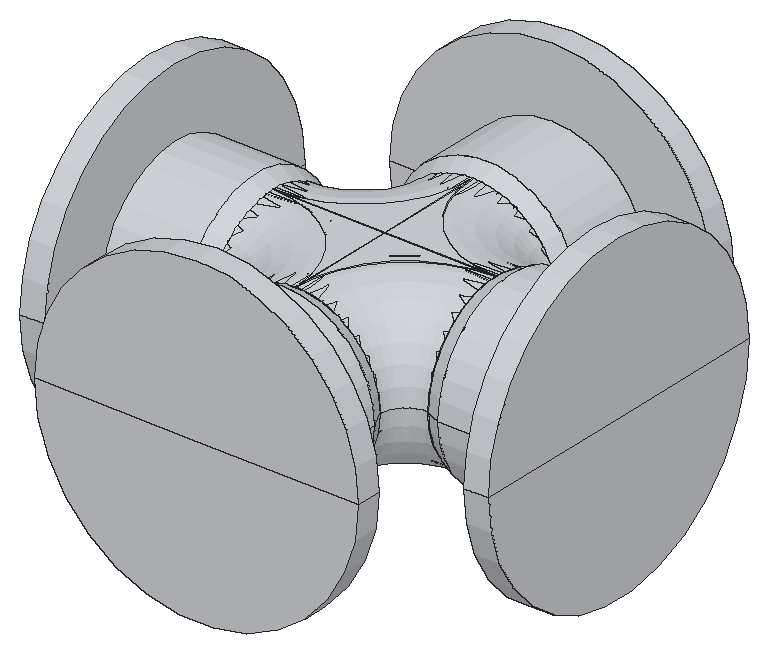
Revit family "4e8b47a90c3c4c5b8a2920781c425c4a", category Pipe Fittings, Revit 2021
Family settings
  Round Connector Dimension = Use Radius
  Part Type = Cross
  OmniClass Number = 23.60.30.11.14
  OmniClass Title = Pipework Fittings
  Seek Item ID = Tee - PVC - Sch 40-0000-USA-ENU
  Work Plane-Based = No
  Always vertical = Yes
  Cut with Voids When Loaded = No
  Shared = No
Parameters (values of type "Standard")
  Visibility 1 [instance] = and(Angle 1 = 90.00°, Angle 2 = 90.00°)  # yes
  Tick Size [instance] = Fitting Outside Diameter * 0.4  # 1.5840"
  Socket Outside Radius [instance] = Socket Outside Diameter / 2  # 2.1750"
  Socket Outside Diameter [instance] = size_lookup(Lookup Table Name, "SOD", 1.1700" + 1.0761 * Nominal Diameter, Nominal Diameter)  # 4.3500"
  Socket Depth [instance] = if(Nominal Diameter < 14.0000", 2.5000", if(Nominal Diameter < 30.0000", 3.5000", 4.0000"))  # 2.5000"
  Lookup Table Name = "Cross Compact - MJ - DI - Class 350"
  Length 1 [instance] = Socket Depth + Bevel Length  # 2.8900"
  Fitting Outside Radius [instance] = Fitting Outside Diameter / 2  # 1.9800"
  Fitting Outside Diameter [instance] = size_lookup(Lookup Table Name, "FOD", 0.6800" + 1.0453 * Nominal Diameter, Nominal Diameter)  # 3.9600"
  Nominal Radius [instance] = 1.5000"
  Nominal Diameter [instance] = Nominal Radius * 2  # 3.0000"
  Loss Method = Not Defined
  K Coefficient Table = (empty or 0)
  Default Elevation = 0.0000"
  Bevel Length [instance] = size_lookup(Lookup Table Name, "BvLgt", 0.4900" + 0.0308 * Nominal Diameter, Nominal Diameter)  # 0.3900"
  Center to Socket Bottom [instance] = size_lookup(Lookup Table Name, "CtSB", 3.2500" + 0.754 * Nominal Diameter, Nominal Diameter)  # 3.0000"
  Center to End Label [instance] = if((Center to End - Gland Width) * tan(Angle 5 / 2) > Gland Outside Radius, Center to End, Gland Outside Radius / tan(Angle 5 / 2) + Gland Width)  # 5.5000"
  Center to End [instance] = Center to Socket Bottom + Socket Depth  # 5.5000"
  Center Radius [instance] = Center to Socket Bottom - Bevel Length  # 2.6100"
  Gland Width [instance] = size_lookup(Lookup Table Name, "GWid", 0.8600" + 0.0318 * Nominal Diameter, Nominal Diameter)  # 0.5800"
  Gland Outside Radius [instance] = Gland Outside Diameter / 2  # 3.8100"
  Gland Outside Diameter [instance] = size_lookup(Lookup Table Name, "GOD", 4.3800" + 1.1302 * Nominal Diameter, Nominal Diameter)  # 7.6200"
  Angle 5 [instance] = if(tan(Angle 3 / 2) > tan(Angle 4 / 2), Angle 4, Angle 3)  # 90.00°
  Angle 4 [instance] = if(Angle 2 > 90.00°, 180.00° - Angle 2, Angle 2)  # 90.00°
  Angle 3 [instance] = if(Angle 1 > 90.00°, 180.00° - Angle 1, Angle 1)  # 90.00°
  Angle 2 [instance] = 90.00°
  Angle 1 [instance] = 90.00°
Reference planes (in)
  plane 1 "Center (Front/Back)": y = 0
  plane 2: z = 0
  plane 3 "Center (Left/Right)": x = 0
  plane 4: y = -3
  plane 5: y = 3.81
  plane 6: y = 2.175
  plane 7: y = 1.98
  plane 8: x = -5.5
  plane 9: x = -4.92
  plane 10: x = -2.61
  plane 11: x = -3
  plane 12: x = 5.5
  plane 13: x = 4.92
  plane 14: x = 2.61
  plane 15: x = 3
  plane 16: y = -2.61
  plane 17: y = -2.61
  plane 18: x = -2.61
  plane 19: x = 2.61
  plane 20: z = 1.98
  plane 21: z = -1.98
  plane 22: y = 1.584
  plane 23: y = -1.584
  plane 24: y = 3
  plane 25: y = 2.61
  plane 26: y = 2.61
Forms (in)
  Revolve 1, solid, detail levels fine
    sketch origin (0, 0, 0) x (1, 0, 0) y (0, 1, 0)
      loop
        line (-5.5, 0) -> (5.5, 0) -> (5.5, 3.81) -> (4.92, 3.81) -> (4.92, 2.175) -> (3, 2.175) -> (2.61, 1.98) -> (-2.61, 1.98) -> (-3, 2.175) -> (-4.92, 2.175) -> (-4.92, 3.81) -> (-5.5, 3.81) -> (-5.5, 0)
      axis (-5.5, 0) -> (5.5, 0)
    angle from 0 to 360
  Sweep 2, solid, visible <- "Visibility 1", detail levels fine
    path origin (0, 0, 0) x (1, 0, 0) y (0, 1, 0)
      loop
        arc (-2.61, 0) -> (-0.76445, -0.76445) -> (0, -2.61) r 2.61
    profile origin (0, -2.61, 0) x (1, 0, 0) y (0, 0, 1)
      loop
        circle (0, 0) r 1.98
  Sweep 3, solid, visible <- "Visibility 1", detail levels fine
    path origin (0, 0, 0) x (-1, 0, 0) y (0, 1, 0)
      loop
        arc (-2.61, 0) -> (-0.76445, -0.76445) -> (0, -2.61) r 2.61
    profile origin (0, -2.61, 0) x (1, 0, 0) y (0, 0, 1)
      loop
        circle (0, 0) r 1.98
  Extrusion 4, solid, visible <- "Visibility 1", detail levels fine
    sketch origin (0, 0, 0) x (1, 0, 0) y (0, 1, 0)
      loop
        arc (-2.61, 0) -> (-0.76445, -0.76445) -> (0, -2.61) r 2.61
        arc (0, -2.61) -> (0.76445, -0.76445) -> (2.61, 0) r 2.61
        line (2.61, 0) -> (-2.61, 0)
    from -1.98 to 1.98
  Revolve 5, solid, detail levels fine
    sketch origin (0, 0, 0) x (0, -1, 0) y (1, 0, 0)
      loop
        line (0, 0) -> (0, -1.98) -> (2.61, -1.98) -> (3, -2.175) -> (4.92, -2.175) -> (4.92, -3.81) -> (5.5, -3.81) -> (5.5, 0) -> (0, 0)
      axis (0, 0) -> (5.5, 0)
    angle from 0 to 360
  Sweep 6, solid, visible <- "Visibility 1", detail levels fine
    path origin (0, 0, 0) x (1, 0, 0) y (0, -1, 0)
      loop
        arc (-2.61, 0) -> (-0.76445, -0.76445) -> (0, -2.61) r 2.61
    profile origin (0, 2.61, 0) x (-1, 0, 0) y (0, 0, 1)
      loop
        circle (0, 0) r 1.98
  Sweep 7, solid, visible <- "Visibility 1", detail levels fine
    path origin (0, 0, 0) x (-1, 0, 0) y (0, -1, 0)
      loop
        arc (-2.61, 0) -> (-0.76445, -0.76445) -> (0, -2.61) r 2.61
    profile origin (0, 2.61, 0) x (-1, 0, 0) y (0, 0, 1)
      loop
        circle (0, 0) r 1.98
  Extrusion 8, solid, visible <- "Visibility 1", detail levels fine
    sketch origin (0, 0, 0) x (1, 0, 0) y (0, 1, 0)
      loop
        line (-2.61, 0) -> (2.61, 0)
        arc (2.61, 0) -> (0.76445, 0.76445) -> (0, 2.61) r 2.61
        arc (0, 2.61) -> (-0.76445, 0.76445) -> (-2.61, 0) r 2.61
    from -1.98 to 1.98
  Revolve 9, solid, detail levels fine
    sketch origin (0, 0, 0) x (0, 1, 0) y (-1, 0, 0)
      loop
        line (5.5, 0) -> (5.5, 3.81) -> (4.92, 3.81) -> (4.92, 2.175) -> (3, 2.175) -> (2.61, 1.98) -> (0, 1.98) -> (0, 0) -> (5.5, 0)
      axis (0, 0) -> (5.5, 0)
    angle from 0 to 360
Lines and regions (in)
  model lines, detail levels coarse+medium
    curve 1: line (-5.5, 1.584, 0) -> (-5.5, -1.584, 0)
    curve 2: line (5.5, 1.584, 0) -> (5.5, -1.584, 0)
    curve 5: line (-1.584, -5.5, 0) -> (1.584, -5.5, 0)
    curve 8: line (-1.584, 5.5, 0) -> (1.584, 5.5, 0)
  model lines, style "PipeFitting", detail levels coarse+medium
    curve 3: line (-5.5, 0, 0) -> (5.5, 0, 0)
    curve 6: line (0, 0, 0) -> (0, -5.5, 0)
    curve 9: line (0, 0, 0) -> (0, 5.5, 0)
  reference lines, not visible
    curve 4: line (0, 0, 0) -> (0, -5.5, 0)
    curve 7: line (0, 0, 0) -> (0, 5.5, 0)
Dimensions and locks (in)
  "Center to Socket Bottom": plane 4 to plane 1 "Center (Front/Back)"
  "Fitting Outside Radius": plane 7 to plane 1 "Center (Front/Back)"
  "Socket Outside Radius": plane 6 to plane 1 "Center (Front/Back)"
  "Gland Outside Radius": plane 5 to plane 1 "Center (Front/Back)"
  "Gland Width": plane 8 to plane 9
  "Socket Depth": plane 8 to plane 11
  "Bevel Length": plane 11 to plane 10
  "Gland Width": plane 12 to plane 13
  "Socket Depth": plane 12 to plane 15
  "Bevel Length": plane 14 to plane 15
  "Bevel Length": plane 16 to plane 4
  "Center Radius": plane 1 "Center (Front/Back)" to plane 17
  "Center Radius": plane 18 to plane 3 "Center (Left/Right)"
  "Center Radius": plane 3 "Center (Left/Right)" to plane 19
  "Fitting Outside Radius": plane 20 to plane 2
  "Fitting Outside Radius": plane 21 to level
  "Tick Size": plane 1 "Center (Front/Back)" to plane 23
  "Tick Size": plane 22 to plane 1 "Center (Front/Back)"
  "Center to End Label": plane 8 to plane 3 "Center (Left/Right)"
  "Center to End Label": plane 3 "Center (Left/Right)" to plane 12
  "Center to End Label": curve 4 to curve 4
  "Tick Size": curve 5 to curve 4
  "Tick Size": curve 4 to curve 5
  "Center to End Label": Revolve 5 sketch curve to Revolve 5 sketch curve
  "Gland Width": Revolve 5 sketch curve to Revolve 5 sketch curve
  "Socket Depth": Revolve 5 sketch curve to Revolve 5 sketch curve
  "Length 1": Revolve 5 sketch curve to Revolve 5 sketch curve
  "Fitting Outside Radius": Revolve 5 sketch curve to Revolve 5 sketch curve
  "Socket Outside Radius": Revolve 5 sketch curve to Revolve 5 sketch curve
  "Gland Outside Radius": Revolve 5 sketch curve to Revolve 5 sketch curve
  "Center to End Label": curve 6 to curve 6
  "Center to Socket Bottom": plane 24 to plane 1 "Center (Front/Back)"
  "Bevel Length": plane 25 to plane 24
  "Center Radius": plane 1 "Center (Front/Back)" to plane 26
  "Center to End Label": curve 7 to curve 7
  "Tick Size": curve 7 to curve 8
  "Tick Size": curve 8 to curve 7
  "Center to End Label": curve 9 to curve 9
  "Center to End Label": Revolve 9 sketch curve to Revolve 9 sketch curve
  "Gland Width": Revolve 9 sketch curve to Revolve 9 sketch curve
  "Socket Depth": Revolve 9 sketch curve to Revolve 9 sketch curve
  "Length 1": Revolve 9 sketch curve to Revolve 9 sketch curve
  "Fitting Outside Radius": Revolve 9 sketch curve to Revolve 9 sketch curve
  "Socket Outside Radius": Revolve 9 sketch curve to Revolve 9 sketch curve
  "Gland Outside Radius": Revolve 9 sketch curve to Revolve 9 sketch curve
  "Center Radius": radius of Sweep 2 sketch curve
  "Fitting Outside Radius": radius of Sweep 2 sketch curve
  "Center Radius": radius of Sweep 3 sketch curve
  "Fitting Outside Radius": radius of Sweep 3 sketch curve
  "Center Radius": radius of Extrusion 4 sketch curve  (x2)
  "Center Radius": radius of Sweep 6 sketch curve
  "Fitting Outside Radius": radius of Sweep 6 sketch curve
  "Center Radius": radius of Sweep 7 sketch curve
  "Fitting Outside Radius": radius of Sweep 7 sketch curve
  "Center Radius": radius of Extrusion 8 sketch curve  (x2)
  "Angle 1": angle curve 4 to plane 1 "Center (Front/Back)"
  locked: curve 4 to curve 5 (angle 90.00°)
  "Angle 1": angle Revolve 5 sketch curve to plane 1 "Center (Front/Back)"
  "Angle 1": angle curve 6 to plane 1 "Center (Front/Back)"
  "Angle 2": angle plane 1 "Center (Front/Back)" to curve 7
  locked: curve 7 to curve 8 (angle 90.00°)
  "Angle 2": angle plane 1 "Center (Front/Back)" to curve 9
  "Angle 2": angle plane 1 "Center (Front/Back)" to Revolve 9 sketch curve
  aligned and locked: plane 1 "Center (Front/Back)" to Revolve 1 sketch curve
  aligned and locked: plane 8 to Revolve 1 sketch curve
  aligned and locked: Revolve 1 sketch curve to plane 5  (x2)
  aligned and locked: Revolve 1 sketch curve to plane 7
  aligned and locked: Revolve 1 sketch curve to plane 6  (x2)
  aligned and locked: Revolve 1 sketch curve to plane 13
  aligned and locked: plane 12 to Revolve 1 sketch curve
  aligned and locked: Revolve 1 sketch curve to plane 9
  aligned and locked: Revolve 1 sketch curve to Revolve 1 sketch curve
  aligned and locked: plane 11 to Revolve 1 sketch curve
  aligned and locked: plane 10 to Revolve 1 sketch curve
  aligned and locked: plane 14 to Revolve 1 sketch curve
  aligned and locked: plane 15 to Revolve 1 sketch curve
  aligned and locked: plane 17 to Sweep 2 sketch curve
  aligned and locked: plane 18 to Sweep 2 sketch curve
  aligned and locked: plane 19 to Sweep 3 sketch curve
  aligned and locked: plane 17 to Sweep 3 sketch curve
  aligned and locked: plane 23 to curve 2
  aligned and locked: plane 22 to curve 2
  aligned and locked: plane 12 to curve 2
  aligned and locked: plane 23 to curve 1
  aligned and locked: plane 22 to curve 1
  aligned and locked: curve 1 to plane 8
  aligned and locked: plane 1 "Center (Front/Back)" to curve 3
  aligned and locked: plane 8 to curve 3
  aligned and locked: plane 12 to curve 3
  aligned and locked: plane 17 to Extrusion 4 sketch curve  (x2)
  aligned and locked: plane 18 to Extrusion 4 sketch curve
  aligned and locked: plane 19 to Extrusion 4 sketch curve
  aligned and locked: plane 21 to Extrusion 4
  aligned and locked: plane 20 to Extrusion 4
  aligned and locked: plane 3 "Center (Left/Right)" to curve 4
  aligned and locked: plane 1 "Center (Front/Back)" to curve 4
  aligned and locked: curve 5 to curve 4
  aligned and locked: plane 3 "Center (Left/Right)" to Revolve 5 sketch curve
  aligned and locked: plane 1 "Center (Front/Back)" to Revolve 5 sketch curve
  aligned and locked: Revolve 5 sketch curve to Revolve 5 sketch curve  (x3)
  aligned and locked: plane 3 "Center (Left/Right)" to curve 6
  aligned and locked: plane 1 "Center (Front/Back)" to curve 6
  aligned and locked: plane 18 to Sweep 6 sketch curve
  aligned and locked: plane 26 to Sweep 6 sketch curve
  aligned and locked: plane 19 to Sweep 7 sketch curve
  aligned and locked: plane 26 to Sweep 7 sketch curve
  aligned and locked: plane 18 to Extrusion 8 sketch curve
  aligned and locked: plane 26 to Extrusion 8 sketch curve  (x2)
  aligned and locked: plane 19 to Extrusion 8 sketch curve
  aligned and locked: plane 3 "Center (Left/Right)" to curve 7
  aligned and locked: plane 1 "Center (Front/Back)" to curve 7
  aligned and locked: curve 8 to curve 7
  aligned and locked: plane 3 "Center (Left/Right)" to curve 9
  aligned and locked: plane 1 "Center (Front/Back)" to Revolve 9 sketch curve
  aligned and locked: plane 3 "Center (Left/Right)" to Revolve 9 sketch curve
  aligned and locked: Revolve 9 sketch curve to Revolve 9 sketch curve  (x3)
  aligned and locked: plane 21 to Extrusion 8
  aligned and locked: plane 20 to Extrusion 8
Automatic sketch dimensions
  Revolve 1 sketch curve to plane 8 = 1.01143"
  Revolve 1 sketch curve to plane 12 = 1.76143"
  Sweep 2 sketch curve to level = 0.0000"
  profile plane to Sweep 2 sketch curve = 0.0000"
  Sweep 3 sketch curve to level = 0.0000"
  profile plane to Sweep 3 sketch curve = 0.0000"
  Sweep 6 sketch curve to level = 0.0000"
  Sweep 6 sketch curve to profile plane = 0.0000"
  Sweep 7 sketch curve to level = 0.0000"
  Sweep 7 sketch curve to profile plane = 0.0000"
Connectors (in)
  piping at (-5.5, 0, 0), diameter 3, driven by "Nominal Radius"
    settings: on Revolve 1, index 1, connector inside diameter 3.0000", connector length 0.0000", flow factor 0, pipe flow 0 GPM, pressure drop 0.00 psi, fitting loss kfactor 0, connector angle 0.00°, fixture units 0, engagement length 0.0000", angle of deflection 0.00°, flow configuration 0, flow direction 0, fitting loss method 0, system type 28, joint type 0, gender type 0, connector reference index 2, connector utility 0, adjustable connector no, is connector primary yes, connector description ""
  piping at (5.5, 0, 0), diameter 3, driven by "Nominal Radius"
    settings: on Revolve 1, index 2, connector inside diameter 3.0000", connector length 0.0000", flow factor 0, pipe flow 0 GPM, pressure drop 0.00 psi, fitting loss kfactor 0, connector angle 0.00°, fixture units 0, engagement length 0.0000", angle of deflection 0.00°, flow configuration 0, flow direction 0, fitting loss method 0, system type 28, joint type 0, gender type 0, connector reference index 1, connector utility 0, adjustable connector no, is connector primary no, connector description ""
  piping at (0, -5.5, 0), diameter 3, driven by "Nominal Radius", driven by "Angle 1"
    settings: on Revolve 5, index 3, connector inside diameter 3.0000", connector length 0.0000", flow factor 0, pipe flow 0 GPM, pressure drop 0.00 psi, fitting loss kfactor 0, connector angle 90.00°, fixture units 0, engagement length 0.0000", angle of deflection 0.00°, flow configuration 0, flow direction 0, fitting loss method 0, system type 28, joint type 0, gender type 0, connector reference index 4, connector utility 0, adjustable connector no, is connector primary no, connector description ""
  piping at (0, 5.5, 0), diameter 3, driven by "Angle 2", driven by "Nominal Radius"
    settings: on Revolve 9, index 4, connector inside diameter 3.0000", connector length 0.0000", flow factor 0, pipe flow 0 GPM, pressure drop 0.00 psi, fitting loss kfactor 0, connector angle 90.00°, fixture units 0, engagement length 0.0000", angle of deflection 0.00°, flow configuration 0, flow direction 0, fitting loss method 0, system type 28, joint type 0, gender type 0, connector reference index 3, connector utility 0, adjustable connector no, is connector primary no, connector description ""
